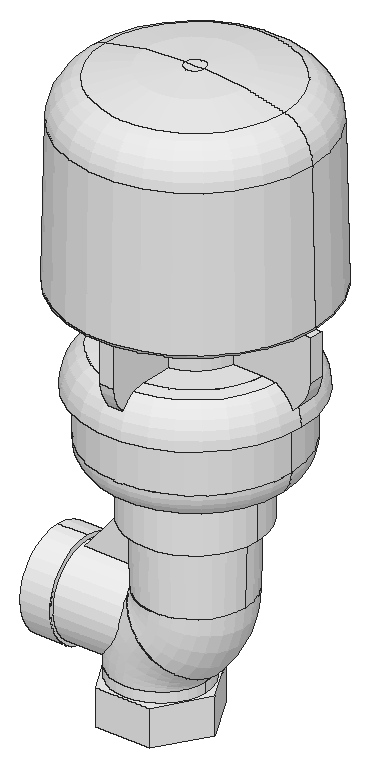
Revit family "RA-DV PURE_Angle_DN10-20_S_Aero_RFA_1", category Pipe Accessories, Revit 2019
Family settings
  Round Connector Dimension = Use Diameter
  Part Type = Valve - Breaks Into
  OmniClass Number = 23.65.55.14.17
  OmniClass Title = Adjusting/Controlling Valves for Liquid Services
  Work Plane-Based = No
  Always vertical = Yes
  Cut with Voids When Loaded = No
  Shared = No
Parameters (values of type "RA-DV PURE_Angle_DN10_S_015G0271")
  no tailpiece(200) = if(and((LOD 200), (V1 = 0.00 mm)), 1 = 1, 1 = 0)  # no
  Weight = 0.20 kg
  W = if(or(Sensor Type = [015G4540], Sensor Type = [015G4544], Sensor Type = [015G4542]), 61.00 mm, 56.00 mm)  # 56.00 mm
  Valve Body Material = Danfoss Nickel Plated Brass
  V1 = 0.00 mm
  URL = "https://store.danfoss.com/se/en/Climate-Solutions-for-heating/Radiator-Thermostats/Radiator-Valves/Build-on-valves/Dynamic-Valves/c/13865?q=%3Arelevance%3Adanfoss_producttypehierarchydesc%3ARA-DV+PURE%3Adanfoss_a223339155%3AA223_339155c03211b47bf5b5f35eba61e0fcb5e7bf&text="
  tailpiece = if(V1 = 1.00 mm, 1 = 1, 1 = 0)  # no
  RV2_2 = 11.00 mm
  Hex2_200 = 25.10 mm
  Hex2 = 21.70 mm
  T5 = 10.423 mm
  T4 = 12.236 mm
  T8 = 11.17 mm
  T3 = 11.75 mm
  RT1 = 8.30 mm
  Hex1_200 = 29.70 mm
  Hex1 = 25.70 mm
  RV2 = 11.00 mm
  T1_2 = RV1 * 2  # 20.50 mm
  T7 = 10.40 mm
  T6 = 11.20 mm
  RV1_1 = 10.00 mm
  RV1 = 10.25 mm
  Setting Range = "1-7,N"  # constant formula
  Sensor Type = Aero Sensors_RA_RFA : Aero Sensors_Built-in_7-21 °C
  SL1 = LL1 + LL2  # 23.60 mm
  SL2 = HB3 + HB4  # 20.20 mm
  RTH = 9.158 mm
  RLR = 3.161 mm
  RL1 = 8.00 mm
  R8 = 1.00 mm
  R7 = 5.00 mm
  R6 = 9.95 mm
  R5 = 8.25 mm
  R4 = 11.425 mm
  R3 = 14.50 mm
  Pressure Drop [instance] = 0.0 Pa
  Model Type = "RA-DV PURE_Angle_DN10_S"
  Model = "015G0271"
  Min Medium Temperature = "2 °C"  # constant formula
  Min Differential Pressure = "0.1 bar"  # constant formula
  Max Operating Pressure = "10 bar"  # constant formula
  Max Medium Temperature = "95 °C"  # constant formula
  Max Flow (Text) = "135 l/h"  # constant formula
  Max Differential Pressure = "0.6 bar"  # constant formula
  Manufacturer = "Danfoss"  # constant formula
  La = LL1 + LL2 + (tailpiece nut depth) + LL4 + RL1  # 58.60 mm
  LOD 350 = not(LOD 200)  # yes
  LOD 200 = no
  LM = LL1  # 16.80 mm
  LL4 = 18.50 mm
  tailpiece nut depth = 8.50 mm
  LL2 = 6.80 mm
  LL1 = 16.80 mm
  LL = 23.60 mm
  L = W / 2 + RL1 + LL  # 59.60 mm
  IfcExportType = "RA-DV PURE"  # constant formula
  IfcExportAs = "IfcValveType"  # constant formula
  Ha = 84.00 mm + HT1 + HT2 + HT3  # 116.964 mm
  HT9 = 3.80 mm
  HT8 = 3.70 mm
  HT6 = 13.324 mm
  HT5 = 1.826 mm
  HT4 = 7.75 mm
  HT3 = 9.40 mm
  HT2 = 14.686 mm
  HT1 = 8.878 mm
  HT = HT1 + HT2 + HT3  # 32.964 mm
  HB5 = 2.34 mm
  HB4 = 8.20 mm
  HB3 = 12.00 mm
  HB2 = 9.669 mm
  HB1 = 5.70 mm
  H [instance] = 137.164 mm
  Flow [instance] = 0.0 L/s
  Description = "Thermostatic Radiator Valve"  # constant formula
  D = 10.00 mm
  Connection = "Internal thread"  # constant formula
  Application = "2-Pipe System"  # constant formula
  015G4544 = Aero Sensors_RA_RFA : Aero Sensors_Tamperproof_Built-in_7-21 °C_015G4544
  015G4542 = Aero Sensors_RA_RFA : Aero Sensors_Tamperproof_Remote_7-26 °C_015G4542
  015G4540 = Aero Sensors_RA_RFA : Aero Sensors_Tamperproof_Built-in_7-28 °C_015G4540
Reference planes
  plane 1 "Center (Front/Back)": y = 0
  plane 2: z = 0
  plane 3 "Center (Left/Right)": x = 0
  plane 4: x = -50.6
  plane 5: x = 22.5
  plane 6: y = 28
  plane 7: y = -28
  plane 8: z = 63.364
  plane 9: z = -20.2
  plane 10: z = 5.7
  plane 11: x = 8
  plane 12: x = -32.1
  plane 13 "2": x = -23.6
  plane 14: x = -16.8
  plane 15: z = 9.158
  plane 16: x = -3.161
  plane 17 "4": z = 32.964
  plane 18: z = 23.564
  plane 19 "1": z = 8.878
  plane 20 "3": z = -12
  plane 21: z = 40.714
  plane 22: z = 42.54
  plane 23: z = 55.864
  plane 24: z = 59.564
  plane 25 "LM": x = -16.8
  plane 26: x = -15.26
  plane 27: x = 15.26
  plane 28: z = -10.25
  plane 29: z = 11
  plane 30: z = 13
  plane 31 "ll": x = -23.6
  plane 32: z = 116.964
  plane 33: x = 36
Forms (mm)
  Revolve 1, solid, material "Danfoss Brass", visible <- "LOD 350", detail levels fine
    sketch origin (0, 0, 0) x (1, 0, 0) y (0, 0, 1)
      loop
        line (8, 46.014) -> (8, 32.964) -> (19.425, 32.964) -> (19.425, 40.714) -> (16.25, 40.714) -> (16.25, 42.54) -> (18, 42.54) -> (18, 46.014) -> (8, 46.014)
      axis (8, 32.964) -> (8, 46.014)
    angle from 0 to 360
  Revolve 2, solid, material "Danfoss Nickel Plated Brass" <- "Valve Body Material", visible <- "LOD 350", detail levels fine
    sketch origin (0, 0, 0) x (1, 0, 0) y (0, 0, 1)
      loop
        line (20.236, 23.564) -> (22.5, 23.564) -> (22.5, 32.964) -> (8, 32.964) -> (8, 8.878) -> (19.75, 8.878) -> (20.236, 23.564)
      axis (8, 32.964) -> (8, 8.878)
    angle from 0 to 360
  Revolve 3, solid, material "Danfoss Nickel Plated Brass" <- "Valve Body Material", visible <- "LOD 350", detail levels fine
    sketch origin (0, 0, 0) x (1, 0, 0) y (0, 0, 1)
      loop
        line (-16.8, 10.25) -> (-16.8, 0) -> (0, 0) -> (0, 10) -> (-16.8, 10.25)
      axis (-16.8, 0) -> (0, 0)
    angle from 0 to 360
  Revolve 4, solid, material "Danfoss Nickel Plated Brass" <- "Valve Body Material", visible <- "LOD 350", detail levels fine
    sketch origin (0, 0, 8.878) x (0, -1, 0) y (1, 0, 0)
      loop
        arc (4.939, -2.661) -> (0, 19.75) -> (-4.939, -2.661) r 11.75
        line (-4.939, -2.661) -> (4.939, -2.661)
      axis (4.939, -3.161) -> (-4.939, -3.161)
    angle from 0 to 45
  SweptBlend 5, solid, material "Danfoss Nickel Plated Brass" <- "Valve Body Material", visible <- "LOD 350", detail levels fine
    path origin (0, 0, 0) x (1, 0, 0) y (0, 0, 1)
      loop
        spline (0, -9.669) -> (0.032, -8.694) -> (0.13, -7.734) -> (0.294, -6.791) -> (0.524, -5.864) -> (0.819, -4.953) -> (1.18, -4.058) -> (1.607, -3.18) -> (2.1, -2.317) -> (2.658, -1.471) -> (3.283, -0.641) -> (3.973, 0.173) -> (4.729, 0.971)
    profile origin (0, 0, -9.669) x (-1, 0, -0.00067) y (0, -1, 0)
      loop
        circle (0, 0) r 10.423
    end profile origin (4.729, 0, 0.971) x (-0.70758, 0, 0.706633) y (0, -1, 0)
      loop
        circle (0, 0) r 11.75
  Revolve 6, solid, material "Danfoss Nickel Plated Brass" <- "Valve Body Material", visible <- "LOD 200", detail levels fine
    sketch origin (0, 0, 0) x (1, 0, 0) y (0, 0, 1)
      loop
        line (0, -12) -> (10.4, -12) -> (10.4, 0) -> (0, 0) -> (0, -12)
      axis (0, -12) -> (0, 0)
    angle from 0 to 360
  Revolve 7, solid, material "Danfoss Nickel Plated Brass" <- "Valve Body Material", visible <- "LOD 200", detail levels fine
    sketch origin (0, 0, 0) x (1, 0, 0) y (0, 0, 1)
      loop
        line (8, 10.25) -> (-23.6, 10.25) -> (-23.6, 0) -> (8, 0) -> (8, 10.25)
      axis (8, 0) -> (-23.6, 0)
    angle from 0 to 360
  Revolve 8, solid, material "Danfoss Nickel Plated Brass" <- "Valve Body Material", visible <- "tailpiece", detail levels fine
    sketch origin (0, 0, 0) x (1, 0, 0) y (0, 0, 1)
      loop
        line (-50.6, 0) -> (-32.1, 0) -> (-32.1, 8.3) -> (-50.6, 8.3) -> (-50.6, 0)
      axis (-32.1, 0) -> (-50.6, 0)
    angle from 0 to 360
  Extrusion 9, solid, material "Danfoss Nickel Plated Brass" <- "Valve Body Material", visible <- "LOD 350", detail levels fine
    sketch origin (0, 0, 0) x (1, 0, 0) y (0, 0, 1)
      loop
        line (0, 8.878) -> (0, 23.564) -> (-4.236, 23.564) -> (-16.8, 8.878) -> (0, 8.878)
    from 2 to -2
  Revolve 10, solid, material "Danfoss Plastic Green", detail levels fine
    sketch origin (0, 0, 0) x (1, 0, 0) y (0, 0, 1)
      loop
        line (8, 55.864) -> (8, 46.014) -> (17.25, 46.014) -> (17.25, 55.864) -> (8, 55.864)
      axis (8, 55.864) -> (8, 46.014)
    angle from 0 to 360
  Revolve 11, solid, material "Danfoss Nickel Plated Brass" <- "Valve Body Material", detail levels fine
    sketch origin (0, 0, 0) x (1, 0, 0) y (0, 0, 1)
      loop
        line (8, 63.364) -> (8, 59.564) -> (9, 59.564) -> (9, 63.364) -> (8, 63.364)
      axis (8, 59.564) -> (8, 63.364)
    angle from 0 to 360
  Revolve 12, solid, material "Danfoss Brass", detail levels fine
    sketch origin (0, 0, 0) x (1, 0, 0) y (0, 0, 1)
      loop
        line (13, 59.564) -> (8, 59.564) -> (8, 55.864) -> (13, 55.864) -> (13, 59.564)
      axis (8, 59.564) -> (8, 55.864)
    angle from 0 to 360
  Revolve 13, solid, material "Danfoss Brass", visible <- "LOD 200", detail levels fine
    sketch origin (0, 0, 0) x (1, 0, 0) y (0, 0, 1)
      loop
        line (8, 46.014) -> (-3.4, 46.014) -> (-3.4, 32.964) -> (8, 32.964) -> (8, 46.014)
      axis (8, 32.964) -> (8, 46.014)
    angle from 0 to 360
  Revolve 14, solid, material "Danfoss Nickel Plated Brass" <- "Valve Body Material", visible <- "no tailpiece(200)", detail levels fine
    sketch origin (0, 0, 0) x (1, 0, 0) y (0, 0, 1)
      loop
        line (-23.6, 0) -> (-16.8, 0) -> (-16.8, 11) -> (-23.6, 11) -> (-23.6, 0)
      axis (-23.6, 0) -> (-16.8, 0)
    angle from 0 to 360
  Revolve 15, solid, material "Danfoss Nickel Plated Brass", visible <- "LOD 200", detail levels fine
    sketch origin (0, 0, 0) x (1, 0, 0) y (0, 0, 1)
      loop
        line (8, 32.964) -> (8, -10.25)
        arc (8, -10.25) -> (18.32, -5.24) -> (22.5, 5.444) r 15.743
        line (22.5, 5.444) -> (22.5, 32.964) -> (8, 32.964)
      axis (8, 32.964) -> (8, -10.25)
    angle from 0 to 360
  Revolve 16, solid, material "Danfoss Nickel Plated Brass", visible <- "LOD 350", detail levels fine
    sketch origin (0, 0, 0) x (1, 0, 0) y (0, 0, 1)
      loop
        line (0, -9.66) -> (0, -12) -> (10.4, -12) -> (10.4, -9.66) -> (0, -9.66)
      axis (0, -9.66) -> (0, -12)
    angle from 0 to 360
  Blend 17, solid, material "Danfoss Nickel Plated Brass" <- "Valve Body Material", visible <- "LOD 350", detail levels fine
    base sketch origin (-23.6, 0, 0) x (0, 0, -1) y (0, -1, 0)
      loop
        circle (0, 0) r 11
    top sketch origin (-23.6, 0, 0) x (0, 0, -1) y (0, -1, 0)
      loop
        circle (0, 0) r 11
    from 0 to -6.8
Lines and regions (mm)
  reference lines
    curve 1: line (0, 0, 5.7) -> (12.334, 0, -6.634)
    curve 2: line (0, 0, 5.7) -> (-12.334, 0, -6.634)
    curve 3: line (4.729, 0, 0.971) -> (11.8, 0, 8.042)
    curve 4: line (12.296, 0, -8.079) -> (19.367, 0, -1.008)
Dimensions and locks
  "HB1": plane 10 to level
  "RL1": plane 11 to plane 3 "Center (Left/Right)"
  "R3": plane 5 to plane 11
  "LL1": plane 3 "Center (Left/Right)" to plane 14
  "LL2": plane 13 "2" to plane 14
  "tailpiece nut depth": plane 12 to plane 13 "2"
  "LL4": plane 4 to plane 12
  "HT2": plane 18 to plane 19 "1"
  "HT3": plane 17 "4" to plane 18
  "HT1": plane 19 "1" to level
  "R4": Revolve 1 sketch curve to plane 11
  "R5": Revolve 1 sketch curve to plane 11
  "HT4": Revolve 1 sketch curve to plane 17 "4"
  "T4": Revolve 2 sketch curve to plane 11
  "T3": Revolve 2 sketch curve to plane 11
  "RLR": plane 3 "Center (Left/Right)" to plane 16
  "RTH": plane 15 to level
  "T7": Revolve 6 sketch curve to plane 3 "Center (Left/Right)"
  "T3": curve 4 to curve 3
  "T8": curve 3 to plane 19 "1"
  "HB2": level to SweptBlend 5 sketch curve
  "HB3": level to plane 20 "3"
  "HB4": plane 20 "3" to plane 9
  "RV1": Revolve 7 sketch curve to plane 2
  "RT1": Revolve 8 sketch curve to plane 2
  "T4": plane 11 to Extrusion 9 sketch curve
  "HT4": plane 21 to plane 17 "4"
  "HT5": plane 22 to plane 21
  "HT6": plane 23 to plane 22
  "HT8": plane 24 to plane 23
  "HT9": plane 8 to plane 24
  "RV1": Revolve 3 sketch curve to level
  "RV1_1": Revolve 3 sketch curve to level
  equal spacing: plane 7, plane 1 "Center (Front/Back)", plane 6
  "W": plane 6 to plane 7
  plane 11 to Revolve 10 sketch curve = 9.25 mm
  plane 11 to Revolve 11 sketch curve = 1.00 mm
  plane 11 to Revolve 12 sketch curve = 5.00 mm
  plane 11 to Revolve 13 sketch curve = 11.40 mm
  "LM": plane 3 "Center (Left/Right)" to plane 25 "LM"
  "RV2": Revolve 14 sketch curve to level
  level to plane 9 = 20.20 mm
  "RV1": level to plane 28
  "T7": Revolve 16 sketch curve to plane 3 "Center (Left/Right)"
  equal spacing: plane 6, plane 1 "Center (Front/Back)", plane 7
  "HB5": Revolve 16 to plane 20 "3"
  Revolve 1 sketch curve to plane 11 = 10.00 mm
  "LL": plane 3 "Center (Left/Right)" to plane 31 "ll"
  plane 3 "Center (Left/Right)" to plane 13 "2" = 23.60 mm
  "Ha": plane 32 to level
  "H": plane 32 to plane 9
  "L": plane 31 "ll" to plane 33
  "T3": radius of Revolve 4 sketch curve
  "T5": radius of SweptBlend 5 sketch curve
  "T3": radius of SweptBlend 5 sketch curve
  "RV2": radius of Blend 17 sketch curve
  "RV2_2": radius of Blend 17 sketch curve
  locked: plane 3 "Center (Left/Right)" to curve 1 (angle 45.00°)
  locked: curve 2 to plane 3 "Center (Left/Right)" (angle 45.00°)
  locked: curve 1 to curve 3 (angle 90.00°)
  aligned and locked: level to plane 2
  aligned and locked: plane 10 to curve 1
  aligned and locked: plane 3 "Center (Left/Right)" to curve 1
  aligned and locked: plane 11 to Revolve 1 sketch curve
  aligned and locked: Revolve 1 sketch curve to plane 11
  aligned and locked: Revolve 1 sketch curve to plane 17 "4"
  aligned and locked: Revolve 2 sketch curve to plane 17 "4"
  aligned and locked: plane 18 to Revolve 2 sketch curve
  aligned and locked: Revolve 2 sketch curve to plane 11  (x2)
  aligned and locked: plane 5 to Revolve 2 sketch curve
  aligned and locked: Revolve 3 sketch curve to plane 2
  aligned and locked: plane 2 to Revolve 3 sketch curve
  aligned and locked: Revolve 3 sketch curve to plane 3 "Center (Left/Right)"
  aligned and locked: plane 16 to Revolve 4 sketch curve
  aligned and locked: plane 3 "Center (Left/Right)" to Revolve 6 sketch curve
  aligned and locked: plane 3 "Center (Left/Right)" to SweptBlend 5 sketch curve
  aligned and locked: curve 1 to SweptBlend 5 sketch curve
  aligned and locked: curve 3 to SweptBlend 5 sketch curve
  aligned and locked: plane 20 "3" to Revolve 6 sketch curve
  aligned and locked: nested 2 to plane 3 "Center (Left/Right)"
  aligned and locked: nested 1 to level
  aligned and locked: plane 2 to Revolve 7 sketch curve
  aligned and locked: plane 13 "2" to Revolve 7 sketch curve
  aligned and locked: Revolve 7 sketch curve to plane 2
  aligned and locked: Revolve 8 sketch curve to plane 2
  aligned and locked: Revolve 8 sketch curve to plane 4
  aligned and locked: plane 2 to Revolve 8 sketch curve
  aligned and locked: plane 1 "Center (Front/Back)" to nested 1
  aligned and locked: plane 1 "Center (Front/Back)" to nested 2
  aligned and locked: Extrusion 9 sketch curve to plane 19 "1"
  aligned and locked: Extrusion 9 sketch curve to plane 3 "Center (Left/Right)"
  aligned and locked: Extrusion 9 sketch curve to plane 18
  aligned and locked: Revolve 8 sketch curve to plane 12
  aligned and locked: Revolve 10 sketch curve to plane 11  (x2)
  aligned and locked: Revolve 10 sketch curve to plane 23
  aligned and locked: Revolve 10 sketch curve to Revolve 2
  aligned and locked: Revolve 11 sketch curve to plane 8
  aligned and locked: Revolve 11 sketch curve to plane 11
  aligned and locked: Revolve 11 sketch curve to plane 24
  aligned and locked: Revolve 11 sketch curve to Revolve 10
  aligned and locked: plane 11 to Revolve 11 sketch curve
  aligned and locked: Revolve 12 sketch curve to plane 24
  aligned and locked: Revolve 12 sketch curve to plane 23
  aligned and locked: Revolve 12 sketch curve to plane 11  (x2)
  aligned and locked: Revolve 11 to Revolve 12 sketch curve
  aligned and locked: Revolve 13 sketch curve to plane 17 "4"
  aligned and locked: Revolve 2 to Revolve 13 sketch curve
  aligned and locked: Revolve 13 sketch curve to Revolve 10
  aligned and locked: plane 11 to Revolve 13 sketch curve
  aligned and locked: plane 25 "LM" to Revolve 3 sketch curve
  aligned and locked: Revolve 14 sketch curve to level  (x2)
  aligned and locked: Revolve 14 sketch curve to plane 13 "2"
  aligned and locked: Revolve 14 sketch curve to plane 25 "LM"
  aligned and locked: Revolve 15 sketch curve to plane 11  (x2)
  aligned and locked: Revolve 15 sketch curve to plane 17 "4"
  aligned and locked: plane 5 to Revolve 15 sketch curve
  aligned and locked: Revolve 16 sketch curve to plane 3 "Center (Left/Right)"  (x2)
  aligned and locked: Revolve 16 sketch curve to plane 20 "3"
  aligned and locked: level to Revolve 6 sketch curve
  aligned and locked: Revolve 1 sketch curve to Revolve 10
  aligned and locked: Revolve 10 to Revolve 13 sketch curve
  aligned and locked: nested 3 to plane 1 "Center (Front/Back)"  (x2)
  aligned and locked: plane 17 "4" to nested 4
  aligned and locked: plane 11 to nested 4
  aligned and locked: plane 1 "Center (Front/Back)" to nested 4
  aligned and locked: plane 2 to nested 3
  aligned and locked: nested 3 to plane 3 "Center (Left/Right)"
  aligned and locked: plane 11 to Revolve 7 sketch curve
  aligned and locked: plane 1 "Center (Front/Back)" to Blend 17 sketch curve  (x2)
  aligned and locked: level to Blend 17 sketch curve  (x2)
  aligned and locked: plane 25 "LM" to Blend 17
  aligned and locked: plane 13 "2" to Blend 17
Automatic sketch dimensions
  Revolve 10 sketch curve to plane 8 = 0.00 mm
  plane 8 to Revolve 11 sketch curve = 5.57 mm
  Revolve 12 sketch curve to plane 22 = 0.00 mm
  Revolve 10 sketch curve to plane 22 = 3.474 mm
  Revolve 13 sketch curve to plane 11 = 0.00 mm
  Revolve 1 sketch curve to plane 22 = 0.00 mm
  plane 8 to Revolve 1 sketch curve = 8.098 mm
  Revolve 1 sketch curve to Revolve 1 sketch curve = 7.618 mm
  Revolve 2 sketch curve to plane 19 "1" = 0.00 mm
  Revolve 2 sketch curve to plane 22 = 0.129 mm
  Revolve 2 sketch curve to Revolve 2 sketch curve = 5.00 mm
  plane 12 to Revolve 3 sketch curve = 3.90 mm
  Revolve 3 sketch curve to Revolve 3 sketch curve = 5.00 mm
  plane 1 "Center (Front/Back)" to Revolve 4 sketch curve = 0.00 mm
  Revolve 4 sketch curve to plane 11 = 0.00 mm
  plane 16 to Revolve 4 sketch curve = 0.50 mm
  Revolve 4 sketch curve to plane 6 = 0.721 mm
  plane 6 to Revolve 4 sketch curve = 4.279 mm
  plane 1 "Center (Front/Back)" to SweptBlend 5 sketch curve = 0.00 mm  (x2)
  SweptBlend 5 sketch curve to profile plane = 0.00 mm  (x2)
  curve 1 to curve 3 = 0.00 mm
  curve 4 to curve 1 = 1.049 mm
  curve 1 to curve 4 = 8.951 mm
  Revolve 6 sketch curve to plane 3 "Center (Left/Right)" = 0.00 mm
  plane 10 to Revolve 6 sketch curve = 1.07 mm
  plane 19 "1" to Revolve 6 sketch curve = 0.84 mm
  plane 12 to Revolve 7 sketch curve = 3.631 mm
  Revolve 7 sketch curve to Revolve 7 sketch curve = 6.358 mm
  Revolve 8 sketch curve to Revolve 8 sketch curve = 7.426 mm
  plane 12 to Revolve 8 sketch curve = 3.817 mm
  plane 14 to Extrusion 9 sketch curve = 0.00 mm
  Revolve 14 sketch curve to plane 4 = 842.673 mm
  Revolve 14 sketch curve to plane 33 = 1862.983 mm
  Revolve 15 sketch curve to plane 28 = 0.00 mm
  plane 10 to Revolve 15 sketch curve = 0.256 mm
  Revolve 15 sketch curve to plane 9 = 9.331 mm
  Revolve 15 sketch curve to plane 32 = 16.366 mm
  Revolve 16 sketch curve to Revolve 16 sketch curve = 2.34 mm
  Revolve 16 sketch curve to plane 9 = 338.045 mm
  plane 32 to Revolve 16 sketch curve = 2094.065 mm
Nested families
  nested 1: "Hexagon" at (-23.6, 0, 0) x (0, -1, 0) z (-1, 0, 0), h <- "tailpiece nut depth", a <- "Hex1", Body Material <- "Valve Body Material", visible <- "tailpiece", LOD 200 <- "LOD 200", d_200 <- "Hex1_200", type "Hexagon", detail levels fine
    with h 8.50 mm, d_200 29.70 mm, b 12.85 mm, a 25.70 mm, LOD 350 yes, LOD 200 no, Body Material Danfoss Nickel Plated Brass
  nested 2: "Hexagon" at (0, 0, -12) x (-1, 0, 0) z (0, 0, -1), h <- "HB4", a <- "Hex2", Body Material <- "Valve Body Material", LOD 200 <- "LOD 200", d_200 <- "Hex2_200", type "Hexagon", detail levels fine
    with h 8.20 mm, d_200 25.10 mm, b 10.85 mm, a 21.70 mm, LOD 350 yes, LOD 200 no, Body Material Danfoss Nickel Plated Brass
  nested 3: "Schematic_Pressure Independent TRV_Sensor_Angle" at (0, 0, 0) x (-1, 0, 0) z (0, 0, 1), type "Schematic_Pressure Independent TRV_Sensor_Angle", detail levels coarse+medium
    with LA_1 1.822 mm, L2 47.20 mm, L1 18.88 mm, L 23.60 mm, HT 32.964 mm, LA 9.84 mm, L1/9 6.293 mm, HA_2 13.12 mm, HA_1 3.28 mm, HA 16.40 mm, D2 20.50 mm, D1 16.80 mm
  nested 4: "Aero Sensors_RA_RFA" at (8, 0, 32.964), LOD 200 <- "LOD 200", type <- "Sensor Type", type "Aero Sensors_Built-in_7-21 °C", detail levels fine
    with Y' 700.00 mm, X' 700.00 mm, LOD 350 yes, LOD 200 no, Box Z Offset 100.00 mm, Box Y Offset 100.00 mm, Box X Offset 100.00 mm
Connectors
  piping at (0, 0, -20.2), diameter 10, driven by "D", driven by "Flow"
    settings: on nested 2, index 2, connector inside diameter 609.6 mm, connector length 0.00 mm, flow factor 0, pipe flow 0.0 L/s, pressure drop 0.0 Pa, fitting loss kfactor 0, connector angle 0.00°, fixture units 0, engagement length 0.00 mm, angle of deflection 0.00°, flow configuration 0, flow direction 1, fitting loss method 0, system type 29, joint type 0, gender type 0, connector reference index 3, connector utility 0, adjustable connector no, is connector primary yes, connector description ""
  piping at (-23.6, 0, 0), diameter 10, driven by "Flow", driven by "D"
    settings: on Blend 17, index 3, connector inside diameter 609.6 mm, connector length 0.00 mm, flow factor 0, pipe flow 0.0 L/s, pressure drop 0.0 Pa, fitting loss kfactor 0, connector angle 0.00°, fixture units 0, engagement length 0.00 mm, angle of deflection 0.00°, flow configuration 0, flow direction 2, fitting loss method 0, system type 29, joint type 0, gender type 0, connector reference index 2, connector utility 0, adjustable connector no, is connector primary no, connector description ""
Definition of nested family "Hexagon"
  Parameters (values of type "Hexagon")
    h [instance] = 4.00 mm
    b [instance] = a / 2  # 10.00 mm
    a [instance] = 20.00 mm
    LOD 350 [instance] = not(LOD 200)  # no
    LOD 200 [instance] = yes
    Default Elevation = 1219.20 mm
    d_200 [instance] = 23.094 mm
    Body Material [instance] = none
  Reference planes
    plane 1 "Center (Front/Back)": y = 0
    plane 2: z = 0
    plane 3 "Center (Left/Right)": x = 0
    plane 4: z = 4
  Forms (mm)
    Extrusion 1, solid
      sketch origin (0, 0, 0) x (1, 0, 0) y (0, 1, 0)
        loop
          line (-1219.2, 1219.2) -> (-1219.2, -1219.2) -> (1219.2, -1219.2) -> (1219.2, 1219.2) -> (-1219.2, 1219.2)
      from 0 to -304.8
    Extrusion 2, solid, material <- "Body Material", visible <- "LOD 350", detail levels fine
      sketch origin (0, 0, 0) x (1, 0, 0) y (0, 1, 0)
        loop
          line (5.774, 10) -> (-5.774, 10) -> (-11.547, 0) -> (-5.774, -10) -> (5.774, -10) -> (11.547, 0) -> (5.774, 10)
      from 0 to 4
    Extrusion 3, solid, material <- "Body Material", visible <- "LOD 200", detail levels fine
      sketch origin (0, 0, 0) x (1, 0, 0) y (0, 1, 0)
        loop
          circle (0, 0) r 11.547
      from 0 to 4
  Lines and regions (mm)
    reference lines
      curve 1: line (125, -216.506, 0) -> (-125, 216.506, 0)
      curve 2: line (-125, -216.506, 0) -> (125, 216.506, 0)
  Dimensions and locks
    "h": plane 4 to level
    "b": curve 1 to Extrusion 2 sketch curve
    "b": Extrusion 2 sketch curve to curve 1
    "b": Extrusion 2 sketch curve to curve 2  (x2)
    "b": plane 1 "Center (Front/Back)" to Extrusion 2 sketch curve
    "b": Extrusion 2 sketch curve to plane 1 "Center (Front/Back)"
    "d_200": diameter of Extrusion 3 sketch curve
    aligned and locked: plane 2 to Extrusion 1
    aligned and locked: level to Extrusion 1
    aligned and locked: plane 4 to Extrusion 2
    aligned and locked: plane 4 to Extrusion 3
    aligned and locked: plane 1 "Center (Front/Back)" to Extrusion 3 sketch curve
    aligned and locked: plane 3 "Center (Left/Right)" to Extrusion 3 sketch curve
  Automatic sketch dimensions
    Extrusion 1 sketch curve to Extrusion 1 sketch curve = 2438.40 mm  (x2)
    curve 1 to plane 3 "Center (Left/Right)" = 125.00 mm
    plane 1 "Center (Front/Back)" to curve 2 = 216.506 mm
    curve 2 to plane 3 "Center (Left/Right)" = 125.00 mm
    plane 3 "Center (Left/Right)" to curve 2 = 125.00 mm
    plane 3 "Center (Left/Right)" to curve 1 = 125.00 mm
    plane 1 "Center (Front/Back)" to curve 1 = 216.506 mm
    curve 2 to plane 1 "Center (Front/Back)" = 216.506 mm
    curve 1 to plane 1 "Center (Front/Back)" = 216.506 mm
Definition of nested family "Aero Sensors_RA_RFA"
  Parameters (values of type "Aero Sensors_Built-in_7-28 °C")
    YH = XYadd - H'  # 516.00 mm
    Y' [instance] = if(Box Y Offset < -1 * XYlimit, XYadd - XYlimit, (if(Box Y Offset > XYlimit, XYadd + XYlimit, Box Y Offset + XYadd)))  # 700.00 mm
    XYadd = XYlimit + 100.00 mm  # 600.00 mm
    X' [instance] = if(Box X Offset < -1 * XYlimit, XYadd - XYlimit, (if(Box X Offset > XYlimit, XYadd + XYlimit, Box X Offset + XYadd)))  # 700.00 mm
    XYlimit = 500.00 mm
    W [instance] = 56.00 mm
    Min Temperature Setting = "7 °C"
    Max Temperature Setting = "28 °C"
    Max Capillary Tube Length = 0.00 mm
    Sensor Media = "Gas"  # constant formula
    Remote Sensor = if(RS = 1, 1 = 1, 1 = 0)  # no
    Box Z Offset [instance] = 100.00 mm  # constant formula
    URL = "https://store.danfoss.com/en/Climate-Solutions-for-heating/Radiator-Thermostats/Radiator-sensors/Room-sensor-mTRV/Sensors-for-Danfoss-RA-valves/c/13884?q=%3Arelevance%3Adanfoss_producttypehierarchydesc%3ADanfoss+Aero%C2%AE+Sensors%3Adanfoss_a1186338575%3AA1186_3385757565fa0f3e171a343b2fd2a01064cb82&text="
    RS = 0
    Model Type = "Aero Sensors_Built-in_7-28 °C"
    Model = "015G4590,015G4594,015G4580,015G5201,015G4595,015G4598"
    Manufacturer = "Danfoss"  # constant formula
    LOD 350 [instance] = not(LOD 200)  # yes
    LOD 200 [instance] = no
    L [instance] = 56.00 mm
    IfcExportType = "Aero Sensors"  # constant formula
    IfcExportAs = "IfcActuatorType"  # constant formula
    H' = 84.00 mm
    H [instance] = 84.00 mm
    Description = "Radiator Sensor"  # constant formula
    Connection = "RA"  # constant formula
    Box Y Offset [instance] = 100.00 mm
    Box X Offset [instance] = 100.00 mm
    Body Material = none
    Aero Sensor = Aero_RFA : Aero Sensors
  Types (11, lengths in mm): name | YH | Y' | XYadd | X' | XYlimit | W | Min Temperature Setting | Max Temperature Setting | Max Capillary Tube Length | Remote Sensor | URL | RS | Model Type | Model | L | Aero Sensor
    (no name) | 516.00 | 700.00 | 600.00 | 700.00 | 500.00 | 56.00 | "7 °C" | "28 °C" | 0.00 | no | "https://store.danfoss.com/en/Climate-Solutions-for-heating/Radiator-Thermostats/Radiator-sensors/Room-sensor-mTRV/Sensors-for-Danfoss-RA-valves/c/13884?q=%3Arelevance%3Adanfoss_producttypehierarchydesc%3ADanfoss+Aero%C2%AE+Sensors%3Adanfoss_a1186338575%3AA1186_3385757565fa0f3e171a343b2fd2a01064cb82&text=" | 0 | "Aero Sensors_Built-in_7-28 °C" | "015G4590,015G4594,015G4580,015G5201,015G4595,015G4598" | 56.00 | Aero_RFA : Aero Sensors
    Aero Sensors_Built-in_7-28 °C | 516.00 | 700.00 | 600.00 | 700.00 | 500.00 | 56.00 | "7 °C" | "28 °C" | 0.00 | no | "https://store.danfoss.com/en/Climate-Solutions-for-heating/Radiator-Thermostats/Radiator-sensors/Room-sensor-mTRV/Sensors-for-Danfoss-RA-valves/c/13884?q=%3Arelevance%3Adanfoss_producttypehierarchydesc%3ADanfoss+Aero%C2%AE+Sensors%3Adanfoss_a1186338575%3AA1186_3385757565fa0f3e171a343b2fd2a01064cb82&text=" | 0 | "Aero Sensors_Built-in_7-28 °C" | "015G4590,015G4594,015G4580,015G5201,015G4595,015G4598" | 56.00 | Aero_RFA : Aero Sensors
    Aero Sensors_Tamperproof_Built-in_7-28 °C_015G4540 | 516.00 | 700.00 | 600.00 | 700.00 | 500.00 | 61.00 | "7 °C" | "28 °C" | 0.00 | no | "https://store.danfoss.com/en/Climate-Solutions-for-heating/Radiator-Thermostats/Radiator-sensors/Room-sensor-mTRV/Sensors-for-Danfoss-RA-valves/c/13884?q=%3Arelevance%3Adanfoss_producttypehierarchydesc%3ADanfoss+Aero%C2%AE+Sensors%3Adanfoss_a1186338575%3AA1186_3385757565fa0f3e171a343b2fd2a01064cb82&text=" | 0 | "Aero Sensors_Tamperproof_Built-in_7-28 °C" | "015G4540" | 61.00 | Aero_RFA : Aero Sensors_Tamper
    Aero Sensors_Remote_7-26 °C_015G4592 | 1016.00 | 1200.00 | 1100.00 | 1200.00 | 1000.00 | 56.00 | "7 °C" | "26 °C" | 2000.00 | yes | "https://store.danfoss.com/en/Climate-Solutions-for-heating/Radiator-Thermostats/Radiator-sensors/Room-sensor-mTRV/Sensors-for-Danfoss-RA-valves/c/13884?q=%3Arelevance%3Adanfoss_producttypehierarchydesc%3ADanfoss+Aero%C2%AE+Sensors%3Adanfoss_a1186338575%3AA1186_3385756922a4d78decdb47e1e9a53dbb12a95d&text=" | 1 | "Aero Sensors_Remote_7-26 °C" | "015G4592" | 56.00 | Aero_RFA : Aero Sensors
    Aero Sensors_Tamperproof_Remote_7-26 °C_015G4542 | 1016.00 | 1200.00 | 1100.00 | 1200.00 | 1000.00 | 61.00 | "7 °C" | "26 °C" | 2000.00 | yes | "https://store.danfoss.com/en/Climate-Solutions-for-heating/Radiator-Thermostats/Radiator-sensors/Room-sensor-mTRV/Sensors-for-Danfoss-RA-valves/c/13884?q=%3Arelevance%3Adanfoss_producttypehierarchydesc%3ADanfoss+Aero%C2%AE+Sensors%3Adanfoss_a1186338575%3AA1186_3385756922a4d78decdb47e1e9a53dbb12a95d&text=" | 1 | "Aero Sensors_Tamperproof_Remote_7-26 °C" | "015G4542" | 61.00 | Aero_RFA : Aero Sensors_Tamper
    Aero Sensors_Built-in_16-28 °C | 516.00 | 700.00 | 600.00 | 700.00 | 500.00 | 56.00 | "16 °C" | "28 °C" | 0.00 | no | "https://store.danfoss.com/en/Climate-Solutions-for-heating/Radiator-Thermostats/Radiator-sensors/Room-sensor-mTRV/Sensors-for-Danfoss-RA-valves/c/13884?q=%3Arelevance%3Adanfoss_producttypehierarchydesc%3ADanfoss+Aero%C2%AE+Sensors%3Adanfoss_a1186338575%3AA1186_3385757565fa0f3e171a343b2fd2a01064cb82&text=" | 0 | "Aero Sensors_Built-in_16-28 °C" | "015G4596,015G5200" | 56.00 | Aero_RFA : Aero Sensors
    Aero Sensors_Built-in_7-21 °C | 516.00 | 700.00 | 600.00 | 700.00 | 500.00 | 56.00 | "7 °C" | "21 °C" | 0.00 | no | "https://store.danfoss.com/en/Climate-Solutions-for-heating/Radiator-Thermostats/Radiator-sensors/Room-sensor-mTRV/Sensors-for-Danfoss-RA-valves/c/13884?q=%3Arelevance%3Adanfoss_producttypehierarchydesc%3ADanfoss+Aero%C2%AE+Sensors%3Adanfoss_a1186338575%3AA1186_3385757565fa0f3e171a343b2fd2a01064cb82&text=" | 0 | "Aero Sensors_Built-in_7-21 °C" | "015G4690,015G4680" | 56.00 | Aero_RFA : Aero Sensors
    Aero Sensors_Built-in_7-22 °C_015G4622 | 516.00 | 700.00 | 600.00 | 700.00 | 500.00 | 56.00 | "7 °C" | "22 °C" | 0.00 | no | "https://store.danfoss.com/en/Climate-Solutions-for-heating/Radiator-Thermostats/Radiator-sensors/Room-sensor-mTRV/Sensors-for-Danfoss-RA-valves/c/13884?q=%3Arelevance%3Adanfoss_producttypehierarchydesc%3ADanfoss+Aero%C2%AE+Sensors%3Adanfoss_a1186338575%3AA1186_3385757565fa0f3e171a343b2fd2a01064cb82&text=" | 0 | "Aero Sensors_Built-in_7-22 °C" | "015G4622" | 56.00 | Aero_RFA : Aero Sensors
    Aero Sensors_Built-in_7-23 °C | 516.00 | 700.00 | 600.00 | 700.00 | 500.00 | 56.00 | "7 °C" | "23 °C" | 0.00 | no | "https://store.danfoss.com/en/Climate-Solutions-for-heating/Radiator-Thermostats/Radiator-sensors/Room-sensor-mTRV/Sensors-for-Danfoss-RA-valves/c/13884?q=%3Arelevance%3Adanfoss_producttypehierarchydesc%3ADanfoss+Aero%C2%AE+Sensors%3Adanfoss_a1186338575%3AA1186_3385757565fa0f3e171a343b2fd2a01064cb82&text=" | 0 | "Aero Sensors_Built-in_7-23 °C" | "015G4623,015G5205" | 56.00 | Aero_RFA : Aero Sensors
    Aero Sensors_Remote_7-21 °C | 1016.00 | 1200.00 | 1100.00 | 1200.00 | 1000.00 | 56.00 | "7 °C" | "21 °C" | 2000.00 | yes | "https://store.danfoss.com/en/Climate-Solutions-for-heating/Radiator-Thermostats/Radiator-sensors/Room-sensor-mTRV/Sensors-for-Danfoss-RA-valves/c/13884?q=%3Arelevance%3Adanfoss_producttypehierarchydesc%3ADanfoss+Aero%C2%AE+Sensors%3Adanfoss_a1186338575%3AA1186_3385756922a4d78decdb47e1e9a53dbb12a95d&text=" | 1 | "Aero Sensors_Remote_7-21 °C" | "015G4692,015G4682" | 56.00 | Aero_RFA : Aero Sensors
    Aero Sensors_Tamperproof_Built-in_7-21 °C_015G4544 | 516.00 | 700.00 | 600.00 | 700.00 | 500.00 | 56.00 | "7 °C" | "21 °C" | 0.00 | no | "https://store.danfoss.com/en/Climate-Solutions-for-heating/Radiator-Thermostats/Radiator-sensors/Room-sensor-mTRV/Sensors-for-Danfoss-RA-valves/c/13884?q=%3Arelevance%3Adanfoss_producttypehierarchydesc%3ADanfoss+Aero%C2%AE+Sensors%3Adanfoss_a1186338575%3AA1186_3385757565fa0f3e171a343b2fd2a01064cb82&text=" | 0 | "Aero Sensors_Tamperproof_Built-in_7-21 °C" | "015G4544" | 56.00 | Aero_RFA : Aero Sensors_Tamper
  Reference planes
    plane 1 "Center (Front/Back)": y = 0
    plane 2: z = 0
    plane 3 "Center (Left/Right)": x = 0
    plane 4: x = -600
    plane 5: z = -516
    plane 6: z = 184
  Lines and regions (mm)
    reference lines
      curve 1: line (100, 100, 0) -> (100, 0, 0)
      curve 2: line (17.515, 100, 0) -> (-57.515, 100, 0)
  Dimensions and locks
    "XYadd": plane 4 to plane 3 "Center (Left/Right)"
    "YH": level to plane 5
    locked: plane 1 "Center (Front/Back)" to curve 2 at 100
    "Y'": plane 6 to plane 5
    "X'": plane 4 to curve 1
    "Box Z Offset": nested 1 to plane 1 "Center (Front/Back)"
    nested 1 to plane 3 "Center (Left/Right)" = 100.00 mm
    "H": nested 2 to level
    nested 1 to nested 2 = 100.00 mm
    "L": nested 2 to nested 2
    "W": nested 2 to nested 2
    aligned and locked: level to plane 2
    aligned and locked: curve 1 to nested 1
    aligned and locked: plane 6 to nested 1
    aligned and locked: plane 3 "Center (Left/Right)" to nested 2
    aligned and locked: nested 2 to level
    aligned and locked: plane 1 "Center (Front/Back)" to nested 2
  Automatic sketch dimensions
    plane 1 "Center (Front/Back)" to curve 1 = 0.00 mm
    plane 3 "Center (Left/Right)" to curve 2 = 17.515 mm
    curve 2 to plane 3 "Center (Left/Right)" = 57.515 mm
  Nested families
    nested 1: "Remote sensor_box_RFA" at (100, 100, 184) x (-1, 0, 0) z (0, -1, 0), LOD 200 <- "LOD 200", Body Material <- "Body Material", visible <- "Remote Sensor", type "Remote sensor_box"
      with LOD 350 yes, LOD 200 no, Body Material none
    nested 2: "Aero_RFA" at (0, 0, 0), type <- "Aero Sensor", type "Aero Sensors", detail levels fine
  Definition of nested family "Remote sensor_box_RFA"
    Parameters (values of type "Remote sensor_box")
      W [instance] = 56.00 mm
      URL = ""
      Sensor Media = "Gas Sensor"  # constant formula
      Model = ""
      Manufacturer = "Danfoss"  # constant formula
      LOD 350 [instance] = not(LOD 200)  # no
      LOD 200 [instance] = yes
      L [instance] = 26.00 mm
      IfcExportType = "Remote Gas Sensor"  # constant formula
      IfcExportAs = "IfcActuatorType"  # constant formula
      H [instance] = 25.00 mm
      Description = "Radiator Sensor"  # constant formula
      Default Elevation = 1219.20 mm
      Body Material [instance] = none
    Reference planes
      plane 1 "Center (Front/Back)": y = 0
      plane 2: z = 0
      plane 3 "Center (Left/Right)": x = 0
      plane 4: z = 25
      plane 5: y = 28
      plane 6: y = -28
      plane 7: x = -13
      plane 8: x = 13
    Forms (mm)
      Extrusion 1, solid, material <- "Body Material", detail levels fine
        sketch origin (0, 0, 83.1) x (0, -1, 0) y (1, 0, 0)
          loop
            line (-23.8, -10) -> (23.8, -10) -> (23.8, 9.915) -> (-23.8, 9.915) -> (-23.8, -10)
        from -83.1 to -77.6
      Extrusion 2, solid, material <- "Body Material", visible <- "LOD 200", detail levels fine
        sketch origin (0, 0, 88.6) x (0, -1, 0) y (1, 0, 0)
          loop
            line (-28, -13) -> (28, -13) -> (28, 13) -> (-28, 13) -> (-28, -13)
        from -83.1 to -63.6
      Blend 3, solid, material <- "Body Material", visible <- "LOD 350", detail levels fine
        base sketch origin (0, 0, 82.972) x (0, -1, 0) y (1, 0, 0)
          loop
            line (-28.001, -13) -> (28, -13) -> (28, 13) -> (-28.001, 13) -> (-28.001, -13)
        top sketch origin (0, 0, 82.972) x (0, -1, 0) y (1, 0, 0)
          loop
            line (-26.435, -11.489) -> (26.435, -11.489) -> (26.435, 11.489) -> (-26.435, 11.489) -> (-26.435, -11.489)
        from -77.6 to -57.972
      Extrusion 4, void
        sketch origin (0, 0, 0) x (0, 1, 0) y (0, 0, 1)
          loop
            line (28.001, 5.372) -> (31.043, 5.372) -> (31.043, 25) -> (25.964, 25) -> (28.001, 5.372)
          loop
            line (-25.965, 25) -> (-31.105, 25) -> (-31.105, 5.372) -> (-28, 5.372) -> (-25.965, 25)
        from -17.5 to 17.5
      Extrusion 5, solid, material <- "Body Material", detail levels coarse+medium
        sketch origin (0, 0, 0) x (0, 1, 0) y (0, 0, 1)
          loop
            line (28, 25) -> (-28, 25) -> (-28, 0) -> (28, 0) -> (28, 25)
        from -13 to 13
    Dimensions and locks
      "H": plane 4 to level
      equal spacing: plane 7, plane 3 "Center (Left/Right)", plane 8
      equal spacing: plane 5, plane 1 "Center (Front/Back)", plane 6
      "W": plane 5 to plane 6
      "L": plane 7 to plane 8
      plane 8 to plane 7 = 26.00 mm
      level to Extrusion 5 = 25.00 mm
      aligned and locked: level to plane 2
      aligned and locked: Extrusion 1 to level
      aligned and locked: Extrusion 2 to plane 7
      aligned and locked: plane 8 to Extrusion 2
      aligned and locked: plane 4 to Extrusion 2
      aligned and locked: plane 5 to Extrusion 2
      aligned and locked: Extrusion 2 to plane 6
    Automatic sketch dimensions
      Extrusion 1 sketch curve to plane 5 = 4.20 mm
      plane 6 to Extrusion 1 sketch curve = 4.20 mm
      plane 7 to Extrusion 1 sketch curve = 3.00 mm
      Extrusion 1 sketch curve to plane 8 = 3.085 mm
      Extrusion 2 sketch curve to plane 5 = 0.00 mm
      Extrusion 2 sketch curve to plane 6 = 0.00 mm
      plane 7 to Extrusion 2 sketch curve = 0.00 mm
      Extrusion 2 sketch curve to plane 8 = 0.00 mm
      plane 6 to Blend 3 sketch curve = 0.00 mm
      Blend 3 sketch curve to plane 5 = 1.565 mm
      plane 7 to Blend 3 sketch curve = 1.511 mm
      plane 6 to Blend 3 sketch curve = 1.565 mm
      Blend 3 sketch curve to plane 8 = 1.511 mm
      Extrusion 4 sketch curve to plane 4 = 0.00 mm  (x2)
      Extrusion 4 sketch curve to plane 6 = 3.105 mm
      plane 6 to Extrusion 4 sketch curve = 0.00 mm
      plane 5 to Extrusion 4 sketch curve = 0.001 mm
      level to Extrusion 4 sketch curve = 5.372 mm  (x2)
      plane 6 to Extrusion 4 sketch curve = 2.035 mm
      Extrusion 4 sketch curve to plane 5 = 2.036 mm
      Extrusion 4 sketch curve to Extrusion 4 sketch curve = 3.042 mm
      plane 5 to Blend 3 sketch curve = 0.001 mm
      plane 7 to Blend 3 sketch curve = 0.00 mm
      Blend 3 sketch curve to plane 8 = 0.00 mm
      Extrusion 5 sketch curve to plane 4 = 0.00 mm
      Extrusion 5 sketch curve to plane 6 = 0.00 mm
      Extrusion 5 sketch curve to level = 0.00 mm
      Extrusion 5 sketch curve to plane 5 = 0.00 mm
  Definition of nested family "Aero_RFA"
    Parameters (values of type "Aero Sensors")
      W = L  # 56.00 mm
      URL = ""
      Model Type = "Aero Sensors"
      L = 56.00 mm
      Sensor Media = "Gas"  # constant formula
      Model = ""
      Manufacturer = "Danfoss"  # constant formula
      LOD 350 = not(LOD 200)  # yes
      LOD 200 = no
      IfcExportType = "Aero Sensors"  # constant formula
      IfcExportAs = "IfcActuatorType"  # constant formula
      H [instance] = 84.00 mm
      Description = "Radiator Sensor"  # constant formula
      D1 = 1.00 mm
      Connection = "RA"  # constant formula
      Body Material = none
      With Tamper (LOD 200) = if(and(LOD 200, D1 = 0.00 mm), 1 = 1, 1 = 0)  # no
      With Tamper (LOD 350) = if(and(LOD 350, D1 = 0.00 mm), 1 = 1, 1 = 0)  # no
      Standard (LOD 200) = if(and(LOD 200, D1 > 0.00 mm), 1 = 1, 1 = 0)  # no
      Standard (LOD 350) = if(and(LOD 350, D1 > 0.00 mm), 1 = 1, 1 = 0)  # yes
    Types (2, lengths in mm): name | W | Model Type | L | D1 | With Tamper (LOD 350) | Standard (LOD 350)
      Aero Sensors | 56.00 | "Aero Sensors" | 56.00 | 1.00 | no | yes
      Aero Sensors_Tamper | 61.00 | "Aero Sensors_Tamper" | 61.00 | 0.00 | yes | no
    Reference planes
      plane 1 "Center (Front/Back)": y = 0
      plane 2: z = 0
      plane 3 "Center (Left/Right)": x = 0
      plane 4: z = 84
      plane 5: z = 15.7
      plane 6: z = 55.7
      plane 7: z = 38.9
      plane 8: x = 28
      plane 9: x = -28
      plane 10: y = 28
      plane 11: y = -28
    Forms (mm)
      Revolve 1, solid, material <- "Body Material", visible <- "Standard (LOD 350)"
        sketch origin (58.75, 0, 0) x (1, 0, 0) y (0, 0, 1)
          loop
            line (-81.015, 17.711) -> (-81.015, 7.41)
            arc (-81.015, 7.41) -> (-79.155, 2.921) -> (-74.665, 1.061) r 6.349
            line (-74.665, 1.061) -> (-72.426, 1.061) -> (-71.627, 0) -> (-58.75, 0) -> (-58.75, 26.296) -> (-75.835, 26.296) -> (-78.801, 25.879)
            arc (-78.801, 25.879) -> (-82.169, 22.397) -> (-83.397, 17.711) r 9.556
            line (-83.397, 17.711) -> (-81.015, 17.711)
          axis (-58.75, 26.296) -> (-58.75, 0)
        angle from 0 to 360
      Revolve 2, solid, material <- "Body Material", visible <- "Standard (LOD 200)"
        sketch origin (0, 0, 0) x (1, 0, 0) y (0, 0, 1)
          loop
            line (-27.989, 71.35) -> (-27.989, 26.296) -> (0, 26.296) -> (0, 83.808) -> (-6.101, 83.808)
            arc (-6.101, 83.808) -> (-13.09, 83.312) -> (-19.938, 81.833) r 49.463
            arc (-19.938, 81.833) -> (-25.744, 77.959) -> (-27.989, 71.35) r 10.851
          axis (0, 83.808) -> (0, 26.296)
        angle from 0 to 360
      Extrusion 3, solid, material <- "Body Material", visible <- "Standard (LOD 350)"
        sketch origin (0, 0, 0) x (1, 0, 0) y (0, 0, 1)
          loop
            line (-10.112, 38.861) -> (-18.956, 38.861) -> (-22.118, 37.969) -> (-28, 37.969) -> (-28, 28.615)
            arc (-28, 28.615) -> (-24.743, 22.336) -> (-18.133, 19.817) r 9.932
            line (-18.133, 19.817) -> (-10.112, 19.817) -> (-10.112, 38.861)
        from -1.599 to 1.564
      Extrusion 4, solid, material <- "Body Material", visible <- "Standard (LOD 350)"
        sketch origin (0, 0, 0) x (0, 1, 0) y (0, 0, 1)
          loop
            line (-7.612, 38.861) -> (-16.456, 38.861) -> (-19.618, 37.969) -> (-25.5, 37.969) -> (-25.5, 28.615)
            arc (-25.5, 28.615) -> (-22.243, 22.336) -> (-15.633, 19.817) r 9.932
            line (-15.633, 19.817) -> (-7.612, 19.817) -> (-7.612, 38.861)
        from -1.599 to 1.564
      Extrusion 5, solid, material <- "Body Material", visible <- "Standard (LOD 350)"
        sketch origin (0, 0, 0) x (-1, 0, 0) y (0, 0, -1)
          loop
            line (-10.112, -38.861) -> (-10.112, -19.817) -> (-18.133, -19.817)
            arc (-18.133, -19.817) -> (-24.743, -22.336) -> (-28, -28.615) r 9.932
            line (-28, -28.615) -> (-28, -37.969) -> (-22.118, -37.969) -> (-18.956, -38.861) -> (-10.112, -38.861)
        from -1.599 to 1.564
      Revolve 6, solid, material <- "Body Material", visible <- "Standard (LOD 200)"
        sketch origin (0, 0, 0) x (1, 0, 0) y (0, 0, 1)
          loop
            line (-22.577, 26.296) -> (-22.577, 0) -> (0, 0) -> (0, 26.296) -> (-22.577, 26.296)
          axis (0, 26.296) -> (0, 0)
        angle from 0 to 360
      Revolve 7, solid, material <- "Body Material", visible <- "With Tamper (LOD 200)"
        sketch origin (0, 0, 0) x (1, 0, 0) y (0, 0, 1)
          loop
            line (-17.049, 15.7) -> (-17.049, 0) -> (0, 0) -> (0, 15.7) -> (-17.049, 15.7)
          axis (0, 15.7) -> (0, 0)
        angle from 0 to 360
      Extrusion 8, solid, material <- "Body Material", visible <- "Standard (LOD 350)"
        sketch origin (0, 0, 0) x (0, 1, 0) y (0, 0, 1)
          loop
            line (7.612, 38.861) -> (7.612, 19.42) -> (16.192, 19.42)
            arc (16.192, 19.42) -> (20.244, 20.167) -> (23.763, 22.31) r 11.36
            arc (23.763, 22.31) -> (25.412, 24.295) -> (26.713, 26.524) r 15.693
            line (26.713, 26.524) -> (25.847, 26.524) -> (25.847, 38.861) -> (7.612, 38.861)
        from -1.6 to 1.56
      Revolve 9, solid, material <- "Body Material", visible <- "Standard (LOD 350)"
        sketch origin (0, 0, 0) x (1, 0, 0) y (0, 0, 1)
          loop
            line (0, 38.861) -> (-10.112, 38.861) -> (-10.112, 26.296) -> (0, 26.296) -> (0, 38.861)
          axis (0, 38.861) -> (0, 26.296)
        angle from 0 to 360
      Extrusion 10, solid, visible <- "Standard (LOD 350)"
        sketch origin (-10, 0, 0) x (1, 0, 0) y (0, 0, 1)
          loop
            arc (11.774, 26.527) -> (13.062, 27.175) -> (13.617, 28.507) r 2.075
            line (13.617, 28.507) -> (13.617, 31.972)
            arc (13.617, 31.972) -> (13.435, 33.865) -> (12.894, 35.69) r 9.921
            arc (12.894, 35.69) -> (12.616, 36.316) -> (12.295, 36.921) r 9.921
            arc (12.295, 36.921) -> (11.778, 37.482) -> (11.072, 37.77) r 1.747
            line (11.072, 37.77) -> (8.928, 37.77)
            arc (8.928, 37.77) -> (8.222, 37.482) -> (7.705, 36.921) r 1.747
            arc (7.705, 36.921) -> (7.384, 36.316) -> (7.106, 35.69) r 9.921
            arc (7.106, 35.69) -> (6.565, 33.865) -> (6.383, 31.972) r 9.921
            line (6.383, 31.972) -> (6.383, 28.507)
            arc (6.383, 28.507) -> (6.938, 27.175) -> (8.226, 26.527) r 2.075
            line (8.226, 26.527) -> (11.774, 26.527)
        from -27.797 to -25.847
      Revolve 11, solid, material <- "Body Material", visible <- "Standard (LOD 350)"
        sketch origin (0, 0, 0) x (1, 0, 0) y (0, 0, 1)
          loop
            line (-27.181, 72.625) -> (-27.823, 39.37)
            arc (-27.823, 39.37) -> (-27.604, 38.947) -> (-27.131, 38.9) r 0.499
            line (-27.131, 38.9) -> (-17.836, 38.9) -> (0, 38.9) -> (0, 83.811) -> (-2.223, 83.811)
            arc (-2.223, 83.811) -> (-11.503, 83.187) -> (-20.617, 81.328) r 69.366
            arc (-20.617, 81.328) -> (-25.309, 78.04) -> (-27.181, 72.625) r 9.291
          axis (0, 83.811) -> (0, 38.9)
        angle from 0 to 360
      Revolve 12, solid, material <- "Body Material", visible <- "With Tamper (LOD 350)"
        sketch origin (0, 0, 0) x (1, 0, 0) y (0, 0, 1)
          loop
            line (-27.64, 55.7) -> (-29.195, 55.7) -> (-30.485, 54.745) -> (-30.485, 38.723) -> (-22.149, 18.09)
            arc (-22.149, 18.09) -> (-20.819, 16.357) -> (-18.736, 15.7) r 3.632
            line (-18.736, 15.7) -> (0, 15.7) -> (0, 83.75)
            arc (0, 83.75) -> (-2.863, 83.722) -> (-5.726, 83.66) r 248.1
            arc (-5.726, 83.66) -> (-12.108, 83.017) -> (-18.449, 82.06) r 129.753
            arc (-18.449, 82.06) -> (-25.038, 78.256) -> (-27.64, 71.108) r 11.121
            line (-27.64, 71.108) -> (-27.64, 55.7)
          axis (0, 83.75) -> (0, 15.7)
        angle from 0 to 360
      Revolve 13, solid, material <- "Body Material", visible <- "With Tamper (LOD 200)"
        sketch origin (0, 0, 0) x (1, 0, 0) y (0, 0, 1)
          loop
            line (0, 84) -> (-6.444, 84)
            arc (-6.444, 84) -> (-19.151, 81.895) -> (-30.5, 75.805) r 39.405
            line (-30.5, 75.805) -> (-30.5, 38.991) -> (-21.201, 15.7) -> (0, 15.7) -> (0, 84)
          axis (0, 84) -> (0, 15.7)
        angle from 0 to 360
      Revolve 14, solid, material <- "Body Material", visible <- "With Tamper (LOD 200)"
        sketch origin (0, 0, 0) x (1, 0, 0) y (0, 0, 1)
          loop
            line (-17.049, 15.7) -> (-17.049, 0) -> (0, 0) -> (0, 15.7) -> (-17.049, 15.7)
          axis (0, 15.7) -> (0, 0)
        angle from 0 to 360
      Revolve 15, solid, material <- "Body Material", visible <- "With Tamper (LOD 350)"
        sketch origin (0, 0, 0) x (1, 0, 0) y (0, 0, 1)
          loop
            line (-13.252, 0) -> (0, 0) -> (0, 15.7) -> (-17.049, 15.7) -> (-17.049, 1.11) -> (-13.252, 1.11) -> (-13.252, 0)
          axis (0, 15.7) -> (0, 0)
        angle from 0 to 360
    Lines and regions (mm)
      symbolic lines
        curve 1: line (25.939, -10.66, 0) -> (27.155, -6.916, 0)
    Dimensions and locks
      "H": plane 4 to level
      locked: plane 5 to level at 15.7
      locked: plane 6 to level at 55.7
      level to Extrusion 10 sketch curve = 26.527 mm
      level to Extrusion 10 sketch curve = 37.77 mm
      Extrusion 10 sketch curve to plane 3 "Center (Left/Right)" to Extrusion 10 sketch curve = 3.617 mm, 3.617 mm
      locked: plane 7 to level at 38.9
      plane 3 "Center (Left/Right)" to Revolve 15 sketch curve = 17.049 mm
      equal spacing: plane 8, plane 3 "Center (Left/Right)", plane 9
      "L": plane 8 to plane 9
      equal spacing: plane 11, plane 1 "Center (Front/Back)", plane 10
      "W": plane 11 to plane 10
      aligned and locked: level to plane 2
      aligned and locked: Revolve 6 sketch curve to level
      aligned and locked: plane 3 "Center (Left/Right)" to Revolve 6 sketch curve
      aligned and locked: Revolve 6 sketch curve to plane 3 "Center (Left/Right)"
      aligned and locked: Revolve 7 sketch curve to plane 5
      aligned and locked: Revolve 7 sketch curve to level
      aligned and locked: Revolve 7 sketch curve to plane 3 "Center (Left/Right)"  (x2)
      aligned and locked: Revolve 2 sketch curve to plane 3 "Center (Left/Right)"
      aligned and locked: Revolve 9 sketch curve to plane 3 "Center (Left/Right)"  (x2)
      aligned and locked: Extrusion 3 to Revolve 9 sketch curve
      aligned and locked: Revolve 1 to Revolve 9 sketch curve
      aligned and locked: plane 3 "Center (Left/Right)" to Revolve 1 sketch curve
      aligned and locked: Revolve 1 sketch curve to plane 3 "Center (Left/Right)"
      aligned and locked: Revolve 11 sketch curve to plane 7
      aligned and locked: Revolve 11 sketch curve to plane 3 "Center (Left/Right)"  (x2)
      aligned and locked: plane 6 to Revolve 12 sketch curve
      aligned and locked: plane 3 "Center (Left/Right)" to Revolve 13 sketch curve
      aligned and locked: Revolve 13 sketch curve to plane 5
      aligned and locked: plane 4 to Revolve 13 sketch curve
      aligned and locked: Revolve 13 sketch curve to plane 3 "Center (Left/Right)"
      aligned and locked: Revolve 14 sketch curve to plane 3 "Center (Left/Right)"  (x2)
      aligned and locked: Revolve 14 sketch curve to level
      aligned and locked: Revolve 14 sketch curve to plane 5
      aligned and locked: Revolve 12 sketch curve to plane 5
      aligned and locked: Revolve 12 sketch curve to plane 3 "Center (Left/Right)"  (x2)
      aligned and locked: Revolve 15 sketch curve to plane 5
      aligned and locked: Revolve 15 sketch curve to plane 3 "Center (Left/Right)"  (x2)
    Automatic sketch dimensions
      plane 1 "Center (Front/Back)" to curve 1 = 10.66 mm
      curve 1 to curve 1 = 3.744 mm
      Revolve 1 sketch curve to level = 0.00 mm
      Revolve 1 sketch curve to plane 3 "Center (Left/Right)" = 12.877 mm
      Revolve 1 sketch curve to Revolve 1 sketch curve = 0.80 mm
      plane 5 to Revolve 1 sketch curve = 2.011 mm
      Revolve 1 sketch curve to Revolve 1 sketch curve = 2.239 mm
      Revolve 1 sketch curve to Revolve 1 sketch curve = 1.994 mm
      Revolve 1 sketch curve to Revolve 1 sketch curve = 2.966 mm
      Revolve 1 sketch curve to Revolve 1 sketch curve = 2.383 mm
      level to Revolve 1 sketch curve = 1.061 mm
      plane 5 to Revolve 1 sketch curve = 10.596 mm
      Revolve 1 sketch curve to level = 366.045 mm
      plane 4 to Revolve 1 sketch curve = 2130.315 mm
      Revolve 2 sketch curve to plane 3 "Center (Left/Right)" = 0.00 mm
      Revolve 2 sketch curve to plane 4 = 0.192 mm
      Revolve 2 sketch curve to Revolve 2 sketch curve = 6.101 mm
      Revolve 2 sketch curve to Revolve 2 sketch curve = 12.458 mm
      level to Revolve 2 sketch curve = 34.345 mm
      Revolve 2 sketch curve to Revolve 2 sketch curve = 8.049 mm
      Revolve 2 sketch curve to level = 366.045 mm
      plane 4 to Revolve 2 sketch curve = 2130.315 mm
      Extrusion 3 sketch curve to Extrusion 3 sketch curve = 3.162 mm
      Extrusion 3 sketch curve to Extrusion 3 sketch curve = 3.985 mm
      plane 5 to Extrusion 3 sketch curve = 4.117 mm
      Extrusion 3 sketch curve to Extrusion 3 sketch curve = 8.021 mm
      plane 5 to Extrusion 3 sketch curve = 12.915 mm
      Extrusion 3 sketch curve to Extrusion 3 sketch curve = 9.353 mm
      Extrusion 3 sketch curve to Extrusion 3 sketch curve = 0.892 mm
      Extrusion 4 sketch curve to Extrusion 4 sketch curve = 5.882 mm
      Extrusion 4 sketch curve to Extrusion 4 sketch curve = 3.162 mm
      Extrusion 4 sketch curve to Extrusion 4 sketch curve = 3.985 mm
      plane 5 to Extrusion 4 sketch curve = 4.117 mm
      plane 1 "Center (Front/Back)" to Extrusion 4 sketch curve = 7.612 mm
      plane 5 to Extrusion 4 sketch curve = 12.915 mm
      Extrusion 4 sketch curve to Extrusion 4 sketch curve = 9.353 mm
      Extrusion 4 sketch curve to Extrusion 4 sketch curve = 0.892 mm
      Extrusion 5 sketch curve to Extrusion 5 sketch curve = 5.882 mm
      Extrusion 5 sketch curve to Extrusion 5 sketch curve = 3.162 mm
      Extrusion 5 sketch curve to Extrusion 5 sketch curve = 3.985 mm
      Extrusion 5 sketch curve to plane 5 = 4.117 mm
      Extrusion 5 sketch curve to Extrusion 5 sketch curve = 8.021 mm
      Extrusion 5 sketch curve to plane 5 = 12.915 mm
      Extrusion 5 sketch curve to Extrusion 5 sketch curve = 9.353 mm
      Extrusion 5 sketch curve to Extrusion 5 sketch curve = 0.892 mm
      plane 5 to Revolve 6 sketch curve = 10.596 mm
      Revolve 6 sketch curve to level = 366.045 mm
      plane 4 to Revolve 6 sketch curve = 2130.315 mm
      Revolve 7 sketch curve to level = 366.045 mm
      plane 4 to Revolve 7 sketch curve = 2130.315 mm
      plane 5 to Extrusion 8 sketch curve = 3.72 mm
      Extrusion 8 sketch curve to Extrusion 8 sketch curve = 3.636 mm
      Extrusion 8 sketch curve to Extrusion 8 sketch curve = 4.944 mm
      Extrusion 8 sketch curve to Extrusion 8 sketch curve = 0.866 mm
      Extrusion 8 sketch curve to Extrusion 8 sketch curve = 7.103 mm
      Extrusion 8 sketch curve to Extrusion 8 sketch curve = 4.257 mm
      Extrusion 8 sketch curve to Extrusion 8 sketch curve = 2.516 mm
      Extrusion 8 sketch curve to Extrusion 8 sketch curve = 5.564 mm
      Revolve 9 sketch curve to level = 366.045 mm
      plane 4 to Revolve 9 sketch curve = 2130.315 mm
      Extrusion 10 sketch curve to Extrusion 10 sketch curve = 0.002 mm  (x2)
      Extrusion 10 sketch curve to Extrusion 10 sketch curve = 2.687 mm  (x2)
      Extrusion 10 sketch curve to Extrusion 10 sketch curve = 1.843 mm
      Extrusion 10 sketch curve to Extrusion 10 sketch curve = 2.074 mm  (x2)
      Extrusion 10 sketch curve to Extrusion 10 sketch curve = 2.545 mm
      Extrusion 10 sketch curve to Extrusion 10 sketch curve = 0.29 mm  (x2)
      Extrusion 10 sketch curve to Extrusion 10 sketch curve = 1.563 mm
      Extrusion 10 sketch curve to Extrusion 10 sketch curve = 1.979 mm  (x2)
      Extrusion 10 sketch curve to Extrusion 10 sketch curve = 2.062 mm
      Extrusion 10 sketch curve to Extrusion 10 sketch curve = 3.465 mm
      Extrusion 10 sketch curve to Extrusion 10 sketch curve = 0.00 mm  (x2)
      Extrusion 10 sketch curve to Extrusion 10 sketch curve = 0.003 mm  (x2)
      Extrusion 10 sketch curve to Extrusion 10 sketch curve = 1.723 mm
      Extrusion 10 sketch curve to Extrusion 10 sketch curve = 2.113 mm
      Extrusion 10 sketch curve to Extrusion 10 sketch curve = 1.223 mm
      Revolve 9 sketch curve to plane 7 = 0.039 mm
      plane 7 to Revolve 11 sketch curve = 0.47 mm
      Revolve 11 sketch curve to Revolve 11 sketch curve = 0.499 mm
      Revolve 11 sketch curve to Revolve 11 sketch curve = 0.193 mm
      Revolve 11 sketch curve to plane 4 = 11.375 mm
      Revolve 11 sketch curve to Revolve 11 sketch curve = 0.643 mm
      Revolve 11 sketch curve to Revolve 11 sketch curve = 9.29 mm
      Revolve 11 sketch curve to Revolve 11 sketch curve = 9.295 mm
      Revolve 11 sketch curve to plane 5 = 1.255 mm
      Revolve 11 sketch curve to Revolve 11 sketch curve = 0.18 mm
      Revolve 11 sketch curve to Revolve 11 sketch curve = 11.366 mm
      Revolve 11 sketch curve to level = 366.045 mm
      plane 4 to Revolve 11 sketch curve = 2130.315 mm
      Revolve 13 sketch curve to plane 3 "Center (Left/Right)" = 6.444 mm
      plane 7 to Revolve 13 sketch curve = 0.091 mm
      plane 7 to Revolve 13 sketch curve = 5.695 mm
      Revolve 13 sketch curve to level = 366.045 mm
      plane 4 to Revolve 13 sketch curve = 2130.315 mm
      Revolve 14 sketch curve to level = 366.045 mm
      plane 4 to Revolve 14 sketch curve = 2130.315 mm
      plane 5 to Revolve 12 sketch curve = 3.632 mm
      plane 5 to Revolve 12 sketch curve = 2.39 mm
      Revolve 12 sketch curve to plane 6 = 0.955 mm
      Revolve 12 sketch curve to Revolve 12 sketch curve = 1.29 mm
      plane 3 "Center (Left/Right)" to Revolve 12 sketch curve = 1.032 mm
      plane 3 "Center (Left/Right)" to Revolve 12 sketch curve = 4.082 mm
      Revolve 12 sketch curve to level = 45.722 mm
      Revolve 12 sketch curve to plane 7 = 0.177 mm
